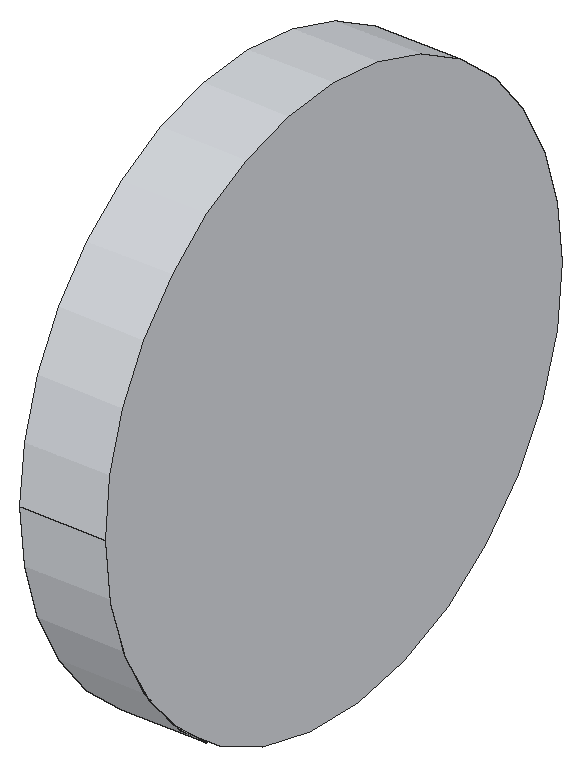
Revit family "M_Flange - Cega - Aço - Classe 400", category Conexões de tubo, Revit 2019
Family settings
  Cota do conector redondo = Usar raio
  Tipo de parte = Cobertura
  Número OmniClass = 23.60.30.11.14
  Título OmniClass = Pipework Fittings
  ID de item do Seek = Flange - Blind - Steel - Class 400-0000-CAN-ENU
  Com base no plano de trabalho = Não
  Sempre na vertical = Sim
  Corte com vazios quando carregada = Não
  Compartilhado = Não
Parameters (values of type "Padrão")
  Tamanho da marca de revisão [instance] = Diâmetro externo da flange * 0.4  # 38 mm
  Espessura da face elevada [instance] = 6.35 mm  # constant formula
  Raio da face elevada [instance] = Diâmetro da face elevada / 2  # 17.45 mm
  Diâmetro da face elevada [instance] = size_lookup(Nome da tabela de pesquisa, "RFD", 1.11 * Diâmetro nominal + 34.727 mm, Diâmetro nominal)  # 34.9 mm
  Raio nominal [instance] = 7.5 mm
  Diâmetro nominal [instance] = Raio nominal * 2  # 15 mm
  Método de perda = Não definido
  Nome da tabela de pesquisa = "M_Flange - Blind - Steel - Class 400"
  Espessura do flange [instance] = size_lookup(Nome da tabela de pesquisa, "FThk", 0.11 * Diâmetro nominal + 20.935 mm, Diâmetro nominal)  # 14.3 mm
  Raio externo da flange [instance] = Diâmetro externo da flange / 2  # 47.5 mm
  Diâmetro externo da flange [instance] = size_lookup(Nome da tabela de pesquisa, "FOD", 1.37 * Diâmetro nominal + 99.219 mm, Diâmetro nominal)  # 95 mm
Reference planes
  plane 1 "Centro (Frente/Trás)": y = 0
  plane 2: z = 0
  plane 3 "Centro (Esquerda/Direita)": x = 0
  plane 4: x = 6.35
  plane 5: x = 20.65
  plane 6: y = 38
  plane 7: y = -38
Forms (mm)
  Extrusion 1, solid, detail levels fine
    sketch origin (0, 0, 0) x (0, 1, 0) y (0, 0, 1)
      loop
        circle (0, 0) r 17.45
    from 0 to 6.35
  Extrusion 2, solid, detail levels fine
    sketch origin (0, 0, 0) x (0, 1, 0) y (0, 0, 1)
      loop
        circle (0, 0) r 47.5
    from 6.35 to 20.65
Cuts and joins
  joined: Extrusion 1, Extrusion 2
Lines and regions (mm)
  model lines, detail levels coarse+medium
    curve 1: line (0, 38, 0) -> (0, -38, 0)
Dimensions and locks
  "Espessura da face elevada": plane 3 "Centro (Esquerda/Direita)" to plane 4
  "Espessura do flange": plane 4 to plane 5
  equal spacing: plane 6, plane 1 "Centro (Frente/Trás)", plane 7
  "Tamanho da marca de revisão": plane 6 to plane 1 "Centro (Frente/Trás)"
  "Raio da face elevada": radius of Extrusion 1 sketch curve
  "Raio externo da flange": radius of Extrusion 2 sketch curve
  aligned and locked: plane 6 to curve 1
  aligned and locked: plane 7 to curve 1
  aligned and locked: plane 1 "Centro (Frente/Trás)" to Extrusion 1 sketch curve
  aligned and locked: plane 2 to Extrusion 1 sketch curve
  aligned and locked: Extrusion 1 to plane 3 "Centro (Esquerda/Direita)"
  aligned and locked: plane 4 to Extrusion 1
  aligned and locked: plane 1 "Centro (Frente/Trás)" to Extrusion 2 sketch curve
  aligned and locked: plane 2 to Extrusion 2 sketch curve
  aligned and locked: Extrusion 2 to plane 4
  aligned and locked: plane 5 to Extrusion 2
Automatic sketch dimensions
  curve 1 to plane 6 = 0 mm
  curve 1 to plane 3 "Centro (Esquerda/Direita)" = 0 mm
  Extrusion 2 sketch curve to level = 0 mm
Connectors
  piping at (0, 0, 0), diameter 15, driven by "Raio nominal"
    settings: on cut or joined group of Extrusion 1, Extrusion 2, index 1, connector inside diameter 15 mm, connector length 0 mm, flow factor 0, pipe flow 0.0 L/s, pressure drop 0.0 Pa, fitting loss kfactor 0, connector angle 0.00°, fixture units 0, engagement length 0 mm, angle of deflection 0.00°, flow configuration 0, flow direction 0, fitting loss method 0, system type 28, joint type 0, gender type 0, connector reference index -1, connector utility 0, adjustable connector no, is connector primary yes, connector description ""
